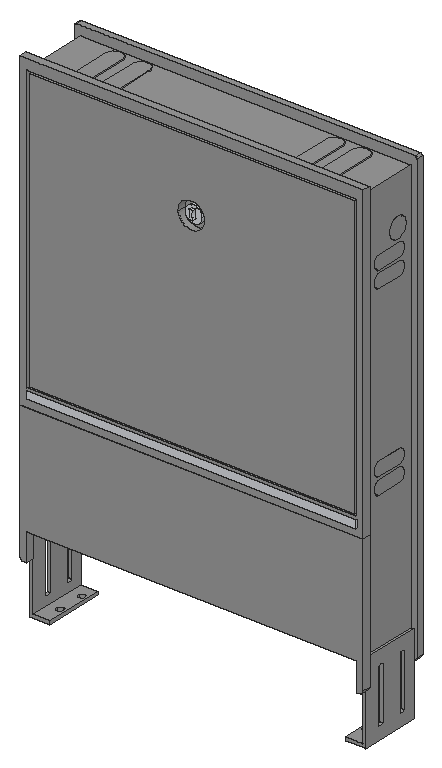
Revit family "PA_Viega-Fonterra-Concealed-manifold-cabinet-510x750_PC692179", category Pipe Accessories, Revit 2016
Family settings
  Part Type = Normal
  Round Connector Dimension = Use Diameter
  Work Plane-Based = No
  Always vertical = Yes
  Cut with Voids When Loaded = No
  Shared = No
Parameters (values of type "PA_692179-Viega Fonterra Concealed manifold cabinet")
  URL for TCP = "http://www.tcpbim.co.za"
  URL = "http://www.viega.com/catalog/en_COM/R1_Fonterra_radiant_heating_and_cooling/Manifolds_regulators/Manifold_cabinets/Fonterra_Concealed_manifold_cabinet_2/20363.html"
  Type Comments = "692 179"
  Model = "1294.3"
  Manufacturer = "Viega"
  Made by = "Tolani Civil Projects cc"
  Description = "Fonterra Concealed manifold cabinet"
Reference planes
  plane 1 "Center (Front/Back)": y = 0
  plane 2: z = 0
  plane 3 "Center (Left/Right)": x = 0
  plane 4: x = 245
  plane 5: x = -245
  plane 6: z = 750
  plane 7: z = 120
  plane 8: x = -255
  plane 9: x = 255
  plane 10: y = 55
  plane 11: y = -55
  plane 12: z = 285.73
  plane 13: z = 735.73
Forms (mm)
  Extrusion 1, solid, material "Zinc"
    sketch origin (0, 0, 0) x (1, 0, 0) y (0, 0, 1)
      loop
        line (-255, 750) -> (-255, 285.73) -> (255, 285.73) -> (255, 750) -> (-255, 750)
    from 43.644 to 55
  Extrusion 2, void
    sketch origin (0, 0, 20) x (1, 0, 0) y (0, 0, 1)
      loop
        line (-245, 715) -> (-245, 291.412) -> (245, 291.412) -> (245, 715) -> (-245, 715)
      loop
        line (-241.312, 711.057) -> (-241.312, 294.405) -> (241.734, 294.405) -> (241.734, 711.057) -> (-241.312, 711.057)
    from 46.424 to 57.257
  Extrusion 3, void
    sketch origin (0, 0, -45) x (1, 0, 0) y (0, 0, 1)
      loop
        circle (0, 671.736) r 20
    from 36.009 to 57.923
  Extrusion 4, solid
    sketch origin (0, 0, -44.375) x (1, 0, 0) y (0, 0, 1)
      loop
        circle (-0.23, 670.988) r 12.481
    from 36.009 to 50.983
  Extrusion 5, solid
    sketch origin (0, 0, -44.375) x (1, 0, 0) y (0, 0, 1)
      loop
        arc (-3.348, 679.136) -> (-1.458, 672.649) -> (-3.348, 666.162) r 12.079
        line (-3.348, 666.162) -> (2.966, 666.162)
        arc (2.966, 666.162) -> (1.411, 672.649) -> (2.966, 679.136) r 14.31
        line (2.966, 679.136) -> (-3.348, 679.136)
    from 46.424 to 56.294
  Extrusion 6, solid, material "Zinc"
    sketch origin (0, 0, 0) x (1, 0, 0) y (0, 0, 1)
      loop
        line (-245, 285.73) -> (-245, 120) -> (245, 120) -> (245, 285.73) -> (-245, 285.73)
    from -55 to 55
  Extrusion 7, solid, material "Zinc"
    sketch origin (0, 0, 0) x (0, 1, 0) y (0, 0, 1)
      loop
        line (55, 735.73) -> (-43.644, 735.73) -> (-43.644, 285.73) -> (55, 285.73) -> (55, 735.73)
    from -245 to 245
  Extrusion 8, solid, material "Zinc"
    sketch origin (0, 0, 0) x (1, 0, 0) y (0, 0, 1)
      loop
        line (255, 735.73) -> (255, 747.292)
        arc (255, 747.292) -> (253.836, 749.102) -> (251.881, 750) r 3.834
        line (251.881, 750) -> (-251.803, 750)
        arc (-251.803, 750) -> (-253.878, 748.994) -> (-255, 746.979) r 3.834
        line (-255, 746.979) -> (-255, 735.73) -> (255, 735.73)
    from -55 to -45.793
  Extrusion 9, solid, material "Zinc"
    sketch origin (0, 0, 0) x (1, 0, 0) y (0, 0, 1)
      loop
        line (245, 78.01) -> (251.499, 78.01)
        arc (251.499, 78.01) -> (253.644, 80.233) -> (255, 83.01) r 9.909
        line (255, 83.01) -> (255, 735.73) -> (245, 735.73) -> (245, 78.01)
    from -55 to -45.793
  Extrusion 10, solid, material "Zinc"
    sketch origin (5, 0, 0) x (-1, 0, 0) y (0, 0, -1)
      loop
        line (250, -78.01) -> (250, -735.73) -> (260, -735.73) -> (260, -83.426)
        arc (260, -83.426) -> (258.912, -80.444) -> (256.873, -78.01) r 9.185
        line (256.873, -78.01) -> (250, -78.01)
    from -55 to -45.793
  Extrusion 11, solid, material "Zinc"
    sketch origin (0, 0, 0) x (1, 0, 0) y (0, 0, 1)
      loop
        line (-255, 285.73) -> (-255, 120) -> (255, 120) -> (255, 285.73) -> (-255, 285.73)
    from 43.644 to 55
  Extrusion 12, solid
    sketch origin (0, 0, 21.77) x (1, 0, 0) y (0, 0, 1)
      loop
        line (-245, 285.73) -> (-245, 274.613) -> (245, 274.613) -> (245, 285.73) -> (-245, 285.73)
    from 43.644 to 55.648
  Extrusion 13, solid, material "Zinc"
    sketch origin (0, 0, 0) x (1, 0, 0) y (0, 0, 1)
      loop
        line (-249.568, 140.448) -> (-249.568, 0) -> (-245, 0) -> (-219.507, 0) -> (-219.507, 4.953) -> (-245, 4.953) -> (-245, 140.448) -> (-249.568, 140.448)
      loop
        line (249.568, 120) -> (245, 120) -> (245, 4.953) -> (219.756, 4.953) -> (219.756, 0) -> (245, 0) -> (249.568, 0) -> (249.568, 120)
    from -45.793 to 43.644
  Extrusion 14, void
    sketch origin (0, 0, 0) x (0, 1, 0) y (0, 0, 1)
      loop
        line (29.155, 19.154) -> (29.155, 99.154)
        arc (29.155, 99.154) -> (24.155, 100.804) -> (19.155, 99.154) r 8.4
        line (19.155, 99.154) -> (19.155, 19.154)
        arc (19.155, 19.154) -> (24.155, 17.496) -> (29.155, 19.154) r 8.369
      loop
        line (-10.845, 19.154) -> (-10.845, 99.154)
        arc (-10.845, 99.154) -> (-15.845, 100.804) -> (-20.845, 99.154) r 8.4
        line (-20.845, 99.154) -> (-20.845, 19.154)
        arc (-20.845, 19.154) -> (-15.845, 17.496) -> (-10.845, 19.154) r 8.369
    from 243.681 to 250
  Extrusion 15, void
    sketch origin (0, 0, 0) x (0, 1, 0) y (0, 0, -1)
      loop
        arc (29.155, -19.154) -> (24.155, -17.496) -> (19.155, -19.154) r 8.369
        line (19.155, -19.154) -> (19.155, -99.154)
        arc (19.155, -99.154) -> (24.155, -100.804) -> (29.155, -99.154) r 8.4
        line (29.155, -99.154) -> (29.155, -19.154)
      loop
        arc (-10.845, -19.154) -> (-15.845, -17.496) -> (-20.845, -19.154) r 8.369
        line (-20.845, -19.154) -> (-20.845, -99.154)
        arc (-20.845, -99.154) -> (-15.845, -100.804) -> (-10.845, -99.154) r 8.4
        line (-10.845, -99.154) -> (-10.845, -19.154)
    from 243.681 to 250
  Extrusion 16, void
    sketch origin (0, 0, 0) x (1, 0, 0) y (0, 1, 0)
      loop
        circle (-226.959, 24.375) r 5
      loop
        circle (-226.959, -15.425) r 5
      loop
        circle (226.959, 24.375) r 5
      loop
        circle (226.959, -15.425) r 5
    from -3.721 to 10.459
  Extrusion 17, solid, material "Zinc"
    sketch origin (0, 7.5, 0) x (0, 1, 0) y (0, 0, 1)
      loop
        line (16.588, 343.301) -> (-24.686, 343.301)
        arc (-24.686, 343.301) -> (-30.063, 333.301) -> (-24.686, 323.301) r 11.987
        line (-24.686, 323.301) -> (16.588, 323.301)
        arc (16.588, 323.301) -> (24.743, 333.301) -> (16.588, 343.301) r 10.209
      loop
        line (16.588, 368.301) -> (-24.686, 368.301)
        arc (-24.686, 368.301) -> (-30.063, 358.301) -> (-24.686, 348.301) r 11.987
        line (-24.686, 348.301) -> (16.588, 348.301)
        arc (16.588, 348.301) -> (24.743, 358.301) -> (16.588, 368.301) r 10.209
    from 241.734 to 245.736
  Extrusion 18, solid, material "Zinc"
    sketch origin (0, 7.5, 275) x (0, 1, 0) y (0, 0, 1)
      loop
        line (16.588, 343.301) -> (-24.686, 343.301)
        arc (-24.686, 343.301) -> (-30.063, 333.301) -> (-24.686, 323.301) r 11.987
        line (-24.686, 323.301) -> (16.588, 323.301)
        arc (16.588, 323.301) -> (24.743, 333.301) -> (16.588, 343.301) r 10.209
      loop
        line (16.588, 368.301) -> (-24.686, 368.301)
        arc (-24.686, 368.301) -> (-30.063, 358.301) -> (-24.686, 348.301) r 11.987
        line (-24.686, 348.301) -> (16.588, 348.301)
        arc (16.588, 348.301) -> (24.743, 358.301) -> (16.588, 368.301) r 10.209
    from 241.734 to 245.736
  Extrusion 19, solid, material "Zinc"
    sketch origin (0, 0, 0) x (1, 0, 0) y (0, 1, 0)
      loop
        arc (-195.98, -25.317) -> (-183.48, -34.874) -> (-170.98, -25.317) r 12.953
        line (-170.98, -25.317) -> (-170.98, 29.683)
        arc (-170.98, 29.683) -> (-183.48, 42.183) -> (-195.98, 29.683) r 12.5
        line (-195.98, 29.683) -> (-195.98, -25.317)
      loop
        arc (-155.98, -25.317) -> (-143.48, -34.874) -> (-130.98, -25.317) r 12.953
        line (-130.98, -25.317) -> (-130.98, 29.683)
        arc (-130.98, 29.683) -> (-143.48, 42.183) -> (-155.98, 29.683) r 12.5
        line (-155.98, 29.683) -> (-155.98, -25.317)
      loop
        line (195.98, -25.317) -> (195.98, 29.683)
        arc (195.98, 29.683) -> (183.48, 42.183) -> (170.98, 29.683) r 12.5
        line (170.98, 29.683) -> (170.98, -25.317)
        arc (170.98, -25.317) -> (183.48, -34.874) -> (195.98, -25.317) r 12.953
      loop
        line (155.98, -25.317) -> (155.98, 29.683)
        arc (155.98, 29.683) -> (143.48, 42.183) -> (130.98, 29.683) r 12.5
        line (130.98, 29.683) -> (130.98, -25.317)
        arc (130.98, -25.317) -> (143.48, -34.874) -> (155.98, -25.317) r 12.953
    from 731.057 to 736.941
  Extrusion 20, solid, material "Zinc"
    sketch origin (0, 7.5, 0) x (0, 1, 0) y (0, 0, -1)
      loop
        arc (16.588, -343.301) -> (24.743, -333.301) -> (16.588, -323.301) r 10.209
        line (16.588, -323.301) -> (-24.686, -323.301)
        arc (-24.686, -323.301) -> (-30.063, -333.301) -> (-24.686, -343.301) r 11.987
        line (-24.686, -343.301) -> (16.588, -343.301)
      loop
        arc (16.588, -368.301) -> (24.743, -358.301) -> (16.588, -348.301) r 10.209
        line (16.588, -348.301) -> (-24.686, -348.301)
        arc (-24.686, -348.301) -> (-30.063, -358.301) -> (-24.686, -368.301) r 11.987
        line (-24.686, -368.301) -> (16.588, -368.301)
    from 241.734 to 245.736
  Extrusion 21, solid, material "Zinc"
    sketch origin (0, 7.5, 275) x (0, 1, 0) y (0, 0, -1)
      loop
        arc (16.588, -343.301) -> (24.743, -333.301) -> (16.588, -323.301) r 10.209
        line (16.588, -323.301) -> (-24.686, -323.301)
        arc (-24.686, -323.301) -> (-30.063, -333.301) -> (-24.686, -343.301) r 11.987
        line (-24.686, -343.301) -> (16.588, -343.301)
      loop
        arc (16.588, -368.301) -> (24.743, -358.301) -> (16.588, -348.301) r 10.209
        line (16.588, -348.301) -> (-24.686, -348.301)
        arc (-24.686, -348.301) -> (-30.063, -358.301) -> (-24.686, -368.301) r 11.987
        line (-24.686, -368.301) -> (16.588, -368.301)
    from 241.734 to 245.736
  Extrusion 22, solid, material "Zinc"
    sketch origin (0, 0, 0) x (0, 1, 0) y (0, 0, 1)
      loop
        circle (20.825, 663.875) r 15
    from -245.736 to 245.736
  Extrusion 23, solid, material "Zinc"
    sketch origin (0, 0, 0) x (1, 0, 0) y (0, 0, 1)
      loop
        line (245, 120) -> (245, 77.951) -> (251.421, 77.951)
        arc (251.421, 77.951) -> (253.616, 80.194) -> (255, 83.01) r 9.909
        line (255, 83.01) -> (255, 120) -> (245, 120)
    from 43.644 to 55
  Extrusion 24, solid, material "Zinc"
    sketch origin (0, 0, 0) x (1, 0, 0) y (0, 0, 1)
      loop
        line (-255, 120) -> (-255, 83.426)
        arc (-255, 83.426) -> (-253.912, 80.444) -> (-251.873, 78.01) r 9.185
        line (-251.873, 78.01) -> (-245, 78.01) -> (-245, 120) -> (-255, 120)
    from 43.644 to 55
Cuts and joins
  Extrusion 14, Extrusion 15, Extrusion 16 cuts Extrusion 13
  joined: Extrusion 6, Extrusion 7, Extrusion 8, Extrusion 9, Extrusion 10, Extrusion 11, Extrusion 17, Extrusion 18, Extrusion 19, Extrusion 20, Extrusion 21, Extrusion 22, Extrusion 23, Extrusion 24
  joined: Extrusion 4, Extrusion 5, Extrusion 12
  Extrusion 2, Extrusion 3 cuts Extrusion 1
Dimensions and locks
  locked: plane 6 to level at 750
  locked: plane 6 to plane 7 at 630
  locked: plane 4 to plane 5 at 490
  locked: plane 9 to plane 8 at 510
  locked: plane 10 to plane 11 at 110
  locked: plane 13 to plane 12 at 450
  plane 7 to Extrusion 6 = 165.73 mm
  aligned and locked: level to plane 2
  aligned and locked: plane 8 to Extrusion 1 sketch curve
  aligned and locked: Extrusion 1 sketch curve to plane 9
  aligned and locked: plane 12 to Extrusion 1 sketch curve
  aligned and locked: plane 11 to Extrusion 6
  aligned and locked: Extrusion 10 to Extrusion 8
  aligned and locked: Extrusion 13 to Extrusion 9
  aligned and locked: Extrusion 13 to Extrusion 12
  aligned and locked: Extrusion 22 to cut or joined group 1 (Extrusion 6, Extrusion 7, Extrusion 8, Extrusion 9, Extrusion 10, Extrusion 11, Extrusion 17, Extrusion 18, Extrusion 19, Extrusion 20, Extrusion 21, Extrusion 22, Extrusion 23, Extrusion 24)
  aligned and locked: cut or joined group 1 to Extrusion 22
  aligned and locked: Extrusion 24 to cut or joined group of Extrusion 13, Extrusion 14, Extrusion 15, Extrusion 16
